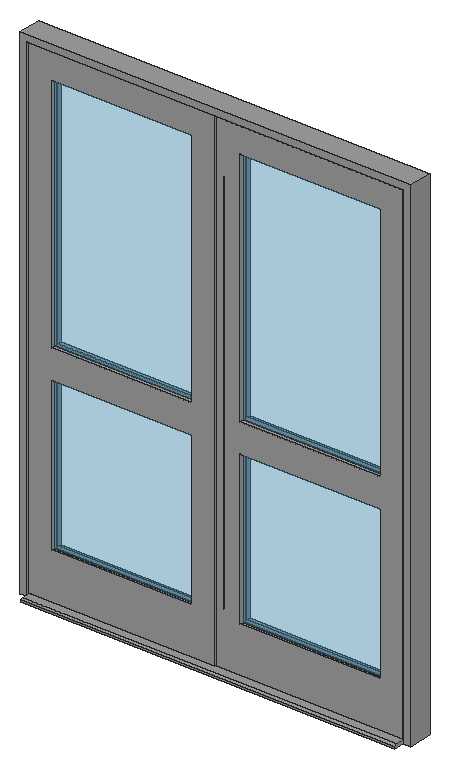
Revit family "MS-375TC DOOR-Double-1-CW_v04", category Curtain Panels, Revit 2015
Parameters
  Width [instance] = 6' - 2"
  URL = "obe.com"
  Rough Width [instance] = 6' - 2"
  Panel Width [instance] = Min Panel Width  # 6' - 0"
  Panel Offset [instance] = 0' - 0"
  Offset [instance] = 0' - 1"
  Model = "MS-375TC DOOR"
  Min Rough Width [instance] = if(Rough Width > 6' 2", Rough Width, 6' 2 1/2")  # 6' - 2 1/2"
  Min Panel Width [instance] = if(Rough Width > 6' 2", Rough Width - 0' 2 1/2", 6' 0")  # 6' - 0"
  Manufacturer = "Oldcastle BuildingEnvelope®"
  Keynote = "08 11 00"
  Hinge [instance] = yes
  Height [instance] = 8' - 0"
  Pushbar Height [instance] = 3' - 5 1/4"  # constant formula
  Glass Material = Glass
  Frame Material = Aluminum
  Door Panel Height [instance] = Height - 0' 0 85/128"  # 7' - 11 43/128"
  Description = "MS-375TC - 1\" Door Infill"
  Assembly Code = "B2030"
  Analytic Construction = "<None>"
  8 Muntin [instance] = not([4 Muntin])  # no
  8 Bottom Rail [instance] = yes
  4 Muntin [instance] = yes
  10 Bottom Rail [instance] = not([8 Bottom Rail])  # no
Reference planes (in)
  plane 1 "Front": y = 0
  plane 2: z = 0
  plane 3 "Center (Left/Right)": x = 0
  plane 4 "Left": x = -37
  plane 5 "Right": x = 37
  plane 6 "Top": z = 96
  plane 7 "Offset": y = -1
  plane 8: x = -37.25
  plane 9: x = 37.25
Forms (in)
  Sweep 1, solid, material "Aluminum" <- "Frame Material"
    path origin (0, -1, 0) x (-1, 0, 0) y (0, 0, 1)
      loop
        line (-37.25, 96) -> (-37.25, 0)
    profile origin (37.25, -1, 48) x (0, 1, 0) y (-1, 0, 0)
      loop
        line (0, 0) -> (0, 1.25) -> (-2.376, 1.25) -> (-2.376, 1.75) -> (-4.088, 1.75) -> (-4.088, 1.25) -> (-4.50055, 1.25) -> (-4.50055, 0) -> (0, 0)
  Sweep 2, solid, material "Aluminum" <- "Frame Material"
    path origin (0, -1, 0) x (-1, 0, 0) y (0, 0, 1)
      loop
        line (37.25, 96) -> (37.25, 0)
    profile origin (-37.25, -1, 48) x (0, 1, 0) y (-1, 0, 0)
      loop
        line (0, 0) -> (-4.50055, 0) -> (-4.50055, -1.25) -> (-4.088, -1.25) -> (-4.088, -1.75) -> (-2.376, -1.75) -> (-2.376, -1.25) -> (0, -1.25) -> (0, 0)
  Sweep 3, solid, material "Aluminum" <- "Frame Material"
    path origin (0, -1, 0) x (-1, 0, 0) y (0, 0, 1)
      loop
        line (37.25, 96) -> (-37.25, 96)
    profile origin (0, -1, 96) x (0, 0, -1) y (0, 1, 0)
      loop
        line (1.25, 0) -> (0, 0) -> (0, -4.50055) -> (1.25, -4.50055) -> (1.25, -4.088) -> (1.75, -4.088) -> (1.75, -2.376) -> (1.25, -2.376) -> (1.25, 0)
Cuts and joins
  joined: Sweep 1, Sweep 2, Sweep 3
Text (in)
  text "Exterior" at (-54.29358, 31.38743, 0), in view "Ref. Level"
  text "Exterior" at (480, 41.53993, 89.60405), in view "Right"
  text "Exterior" at (-240, 57.82419, 105.78864), in view "Left"
Dimensions and locks (in)
  equal spacing: plane 4 "Left", plane 3 "Center (Left/Right)", plane 5 "Right"
  "Width": plane 4 "Left" to plane 5 "Right"
  "Height": plane 6 "Top" to plane 2
  "Offset": plane 7 "Offset" to plane 1 "Front"
  equal spacing: plane 8, plane 3 "Center (Left/Right)", plane 9
  "Min Rough Width": plane 8 to plane 9
  aligned and locked: level to plane 2
  aligned and locked: plane 3 "Center (Left/Right)" to nested 1
  aligned and locked: plane 2 to Sweep 1 sketch curve
  aligned and locked: plane 6 "Top" to Sweep 1 sketch curve
  aligned and locked: plane 2 to Sweep 2 sketch curve
  aligned and locked: plane 6 "Top" to Sweep 2 sketch curve
  aligned and locked: plane 6 "Top" to Sweep 3 sketch curve
  aligned and locked: plane 8 to Sweep 2 sketch curve
  aligned and locked: Sweep 1 sketch curve to plane 9
  aligned and locked: plane 9 to Sweep 3 sketch curve
  aligned and locked: plane 8 to Sweep 3 sketch curve
Automatic sketch dimensions
  Sweep 2 sketch curve to profile plane = 0' - 0"
  Sweep 2 sketch curve to plane 7 "Offset" = 0' - 0"
  Sweep 2 sketch curve to plane 7 "Offset" = 0' - 2.376"
  Sweep 2 sketch curve to Sweep 2 sketch curve = 0' - 1.712"
  Sweep 2 sketch curve to Sweep 2 sketch curve = 0' - 0.41255"
  profile plane to Sweep 2 sketch curve = 0' - 1 1/4"  (x2)
  Sweep 2 sketch curve to Sweep 2 sketch curve = 0' - 0 1/2"
  Sweep 1 sketch curve to profile plane = 0' - 0"
  Sweep 1 sketch curve to plane 7 "Offset" = 0' - 0"
  Sweep 1 sketch curve to plane 7 "Offset" = 0' - 2.376"
  Sweep 1 sketch curve to Sweep 1 sketch curve = 0' - 1.712"
  Sweep 1 sketch curve to Sweep 1 sketch curve = 0' - 0.41255"
  Sweep 1 sketch curve to profile plane = 0' - 1 1/4"
  Sweep 1 sketch curve to Sweep 1 sketch curve = 0' - 1 1/4"
  Sweep 1 sketch curve to Sweep 1 sketch curve = 0' - 0 1/2"
  Sweep 3 sketch curve to plane 7 "Offset" = 0' - 0"
  Sweep 3 sketch curve to profile plane = 0' - 0"
  Sweep 3 sketch curve to Sweep 3 sketch curve = 0' - 1 1/4"  (x2)
  Sweep 3 sketch curve to Sweep 3 sketch curve = 0' - 0 1/2"
  Sweep 3 sketch curve to Sweep 3 sketch curve = 0' - 2.376"
  Sweep 3 sketch curve to Sweep 3 sketch curve = 0' - 1.712"
  Sweep 3 sketch curve to Sweep 3 sketch curve = 0' - 0.41255"
Nested families (in)
  nested 1: "MS-375TC DOOR-Double-1-Panel_v03" at (0, -19, 0), Frame Material <- "Frame Material", Glass Material <- "Glass Material", Hinge <- "Hinge", Height <- "Door Panel Height", Width <- "Min Panel Width", 4 Muntin <- "4 Muntin", 8 Bottom Rail <- "8 Bottom Rail", Offset <- "Panel Offset", type "MS-375TC DOOR-Double-1-Panel"
    with Wing Width 3' - 0", built-in parameter 1001301 6' - 0", Pushbar Height 3' - 5 1/4", Offset 0' - 0", Hinge yes, built-in parameter 1001300 7' - 11 43/128", Glass at Muntin 0' - 4 9/16", Glass Material Glass, Frame Material Aluminum, Bottom Rail 0' - 8 29/32", 8 Muntin no, 8 Bottom Rail yes, 4 Muntin yes, 10 Bottom Rail no
Definition of nested family "MS-375TC DOOR-Double-1-Panel_v03"
  Parameters (values of type "MS-375TC DOOR-Double-1-Panel")
    Wing Width [instance] = Width / 2  # 3' - 0"
    Width [instance] = 6' - 0"
    Offset [instance] = 0' - 5"
    Hinge [instance] = yes
    Height [instance] = 8' - 0"
    Glass at Muntin [instance] = if([4 Muntin], 0' 4 9/16", 0' 8 9/16")  # 0' - 8 9/16"
    Pushbar Height [instance] = 3' - 5 1/4"  # constant formula
    Glass Material [instance] = none
    Frame Material [instance] = none
    Bottom Rail [instance] = if([10 Bottom Rail], 0' 10 29/32", 0' 8 29/32")  # 0' - 10 29/32"
    8 Muntin [instance] = not([4 Muntin])  # yes
    10 Bottom Rail [instance] = not([8 Bottom Rail])  # yes
    4 Muntin [instance] = no
    8 Bottom Rail [instance] = no
  Reference planes (in)
    plane 1 "00": y = 9.75
    plane 2: z = 0
    plane 3 "Center (Left/Right)": x = 0
    plane 4: z = 96
    plane 5: x = -36
    plane 6: x = 36
    plane 7 "Center (Front/Back)": y = 16
    plane 8 "Exterior": y = 10.25
    plane 9: z = 48
    plane 10: z = 10.90625
    plane 11: z = 45.53125
    plane 12: z = 36.96875
    plane 13: z = 90.94129
    plane 14: z = 0
    plane 15: x = -31.80262
    plane 16: x = 31.78244
    plane 17 "Offset": y = 11
    plane 18: z = 41.25
  Forms (in)
    Sweep 1, solid, material <- "Frame Material"
      path origin (0, 9.75, 0) x (1, 0, 0) y (0, 0, 1)
        loop
          line (-31.80262, 96) -> (-0.1998, 96)
      profile origin (-16.00121, 9.75, 96) x (0, 0, 1) y (0, -1, 0)
        loop
          line (-0.71875, -1.12355) -> (-0.71875, 1.12745) -> (-5.46871, 1.12745) -> (-5.46871, 0.5) -> (-5.05871, 0.5) -> (-5.05871, -0.5) -> (-5.46871, -0.5) -> (-5.46871, -1.12355) -> (-0.71875, -1.12355)
    Sweep 2, solid, material <- "Frame Material"
      path origin (0, 9.75, 0) x (1, 0, 0) y (0, 0, 1)
        loop
          line (-0.1998, 0) -> (-35.69218, 0)
      profile origin (-17.94599, 9.75, 0) x (0, 0, -1) y (0, -1, 0)
        loop
          line (-6.93343, -1.12355) -> (-0.68754, -1.12355) -> (-0.68754, 1.12745) -> (-6.93343, 1.12745) -> (-11.4375, 1.12745) -> (-11.4375, 0.5) -> (-10.90625, 0.5) -> (-10.90625, -0.5) -> (-11.4375, -0.5) -> (-11.4375, -1.12355) -> (-6.93343, -1.12355)
    Sweep 3, solid, material <- "Frame Material"
      path origin (0, 9.75, 0) x (1, 0, 0) y (0, 0, 1)
        loop
          line (36, 95.28125) -> (36, 0.68754)
      profile origin (36, 9.75, 47.9844) x (0, -1, 0) y (1, 0, 0)
        loop
          line (-1.12356, -0.438) -> (-1.12356, -4.62756) -> (-0.5, -4.62756) -> (-0.5, -4.21756) -> (0.5, -4.21756) -> (0.5, -4.62756) -> (1.12745, -4.62756) -> (1.12745, -0.328) -> (-1.15856, -0.328) -> (-1.15856, -0.438) -> (-1.12356, -0.438)
    Sweep 4, solid, material <- "Frame Material"
      path origin (0, 9.75, 0) x (1, 0, 0) y (0, 0, 1)
        loop
          line (-36, 95.28125) -> (-36, 0.68754)
      profile origin (-36, 9.75, 47.9844) x (0, -1, 0) y (1, 0, 0)
        loop
          line (-1.12358, 4.60738) -> (-1.12358, 0.41782) -> (-1.15858, 0.41782) -> (-1.15858, 0.30782) -> (1.12744, 0.30782) -> (1.12744, 4.60738) -> (0.49998, 4.60738) -> (0.49998, 4.19738) -> (-0.50002, 4.19738) -> (-0.50002, 4.60738) -> (-1.12358, 4.60738)
    Sweep 5, solid, material <- "Frame Material"
      path origin (0, 9.75, 0) x (1, 0, 0) y (0, 0, 1)
        loop
          line (-4.1885, 48) -> (-31.80262, 48)
      profile origin (-17.99556, 9.75, 48) x (0, 0, -1) y (0, -1, 0)
        loop
          line (1.93679, -0.5) -> (1.93679, -1.12355) -> (11.43671, -1.12355) -> (11.43671, -0.5) -> (11.03125, -0.5) -> (11.03125, 0.5) -> (11.43671, 0.5) -> (11.43671, 1.12745) -> (1.93679, 1.12745) -> (1.93679, 0.5) -> (2.46875, 0.5) -> (2.46875, -0.5) -> (1.93679, -0.5)
    Sweep 6, solid, material <- "Frame Material"
      path origin (0, 9.75, 0) x (1, 0, 0) y (0, 0, 1)
        loop
          line (0, 95.28125) -> (0, 0.68754)
      profile origin (0, 9.75, 47.9844) x (0, -1, 0) y (1, 0, 0)
        loop
          line (-1.12355, -4.5985) -> (-0.5, -4.5985) -> (-0.5, -4.1885) -> (0.5, -4.1885) -> (0.5, -4.5985) -> (1.12745, -4.5985) -> (1.12745, -0.1998)
          arc (1.12745, -0.1998) -> (0.14024, -0.09375) -> (-0.84797, -0.19003) r 4.87198
          line (-0.84797, -0.19003) -> (-1.00307, -0.23561)
          arc (-1.00307, -0.23561) -> (-1.08642, -0.25449) -> (-1.12355, -0.33147) r 0.09837
          line (-1.12355, -0.33147) -> (-1.12355, -4.5985)
        loop
          arc (-1.03043, 0.11549) -> (0.05077, 0.1029) -> (1.12778, 0.19879) r 10.77029
          line (1.12778, 0.19879) -> (1.12778, 4.59371) -> (0.5, 4.59371) -> (0.5, 4.18371) -> (-0.5, 4.18371) -> (-0.5, 4.59371) -> (-1.12356, 4.59371) -> (-1.12356, 0.21457)
          arc (-1.12356, 0.21457) -> (-1.09663, 0.14658) -> (-1.03043, 0.11549) r 0.09927
    Sweep 7, solid, material <- "Frame Material"
      path origin (0, 9.75, 0) x (1, 0, 0) y (0, 0, 1)
        loop
          line (0.22004, 96) -> (31.78244, 96)
      profile origin (16.00124, 9.75, 96) x (0, 0, 1) y (0, -1, 0)
        loop
          line (-0.71875, -1.12355) -> (-0.71875, 1.12745) -> (-3.83589, 1.12745) -> (-5.46871, 1.12745) -> (-5.46871, 0.5) -> (-5.05871, 0.5) -> (-5.05871, -0.5) -> (-5.46871, -0.5) -> (-5.46871, -1.12355) -> (-3.83589, -1.12355) -> (-0.71875, -1.12355)
    Sweep 8, solid, material <- "Frame Material"
      path origin (0, 9.75, 0) x (1, 0, 0) y (0, 0, 1)
        loop
          line (31.78244, 48) -> (4.18371, 48)
      profile origin (17.98307, 9.75, 48) x (0, 0, -1) y (0, -1, 0)
        loop
          line (1.93679, -0.5) -> (1.93679, -1.12355) -> (11.43671, -1.12355) -> (11.43671, -0.5) -> (11.03125, -0.5) -> (11.03125, 0.5) -> (11.43671, 0.5) -> (11.43671, 1.12745) -> (1.93679, 1.12745) -> (1.93679, 0.5) -> (2.46875, 0.5) -> (2.46875, -0.5) -> (1.93679, -0.5)
    Sweep 9, solid, material <- "Frame Material"
      path origin (0, 9.75, 0) x (1, 0, 0) y (0, 0, 1)
        loop
          line (35.672, 0) -> (0.22004, 0)
      profile origin (17.94602, 9.75, 0) x (0, 0, -1) y (0, -1, 0)
        loop
          line (-3.49593, -1.12355) -> (-0.68754, -1.12355) -> (-0.68754, 1.12745) -> (-11.4375, 1.12745) -> (-11.4375, 0.5) -> (-10.90625, 0.5) -> (-10.90625, -0.5) -> (-11.4375, -0.5) -> (-11.4375, -1.12355) -> (-3.49593, -1.12355)
    Extrusion 10, solid, detail levels coarse
      sketch origin (0, 0, 0) x (1, 0, 0) y (0, 1, 0)
        loop
          line (4.18371, 10.25) -> (4.18371, 9.25) -> (31.78244, 9.25) -> (31.78244, 10.25) -> (4.18371, 10.25)
      from 36.96875 to 10.90625
    Extrusion 11, solid, material <- "Glass Material", detail levels medium+fine
      sketch origin (0, 0, 0) x (1, 0, 0) y (0, 1, 0)
        loop
          line (4.18371, 9.25) -> (31.78244, 9.25) -> (31.78244, 9.498) -> (4.18371, 9.498) -> (4.18371, 9.25)
        loop
          line (31.78244, 10.25) -> (4.18371, 10.25) -> (4.18371, 10.002) -> (31.78244, 10.002) -> (31.78244, 10.25)
      from 10.90625 to 36.96875
    Extrusion 12, solid, material <- "Glass Material", detail levels medium+fine
      sketch origin (0, 0, 0) x (1, 0, 0) y (0, 1, 0)
        loop
          line (4.18371, 10.25) -> (4.18371, 10.002) -> (31.78244, 10.002) -> (31.78244, 10.25) -> (4.18371, 10.25)
        loop
          line (31.78244, 9.25) -> (31.78244, 9.498) -> (4.18371, 9.498) -> (4.18371, 9.25) -> (31.78244, 9.25)
      from 45.53125 to 90.94129
    Extrusion 13, solid, material <- "Glass Material", detail levels coarse
      sketch origin (0, 0, 0) x (1, 0, 0) y (0, 1, 0)
        loop
          line (4.18371, 10.25) -> (4.18371, 9.25) -> (31.78244, 9.25) -> (31.78244, 10.25) -> (4.18371, 10.25)
      from 45.53125 to 90.94129
    Extrusion 14, solid, material <- "Glass Material", detail levels medium+fine
      sketch origin (0, 0, 0) x (1, 0, 0) y (0, 1, 0)
        loop
          line (-31.80262, 9.25) -> (-4.1885, 9.25) -> (-4.1885, 9.498) -> (-31.80262, 9.498) -> (-31.80262, 9.25)
        loop
          line (-4.1885, 10.25) -> (-31.80262, 10.25) -> (-31.80262, 10.002) -> (-4.1885, 10.002) -> (-4.1885, 10.25)
      from 10.90625 to 36.96875
    Extrusion 15, solid, material <- "Glass Material", detail levels coarse
      sketch origin (0, 0, 0) x (1, 0, 0) y (0, 1, 0)
        loop
          line (-31.80262, 10.25) -> (-31.80262, 9.25) -> (-4.31233, 9.25) -> (-4.1885, 9.25) -> (-4.1885, 10.25) -> (-31.80262, 10.25)
      from 45.53125 to 90.94129
    Extrusion 16, solid, material <- "Glass Material", detail levels coarse
      sketch origin (0, 0, 0) x (1, 0, 0) y (0, 1, 0)
        loop
          line (-31.80262, 10.25) -> (-31.80262, 9.25) -> (-4.1885, 9.25) -> (-4.1885, 10.25) -> (-31.80262, 10.25)
      from 10.90625 to 36.96875
    Extrusion 17, solid, material <- "Glass Material", detail levels medium+fine
      sketch origin (0, 0, 0) x (1, 0, 0) y (0, 1, 0)
        loop
          line (-31.80262, 10.25) -> (-31.80262, 10.002) -> (-4.1885, 10.002) -> (-4.1885, 10.25) -> (-31.80262, 10.25)
        loop
          line (-31.80262, 9.498) -> (-31.80262, 9.25) -> (-4.1885, 9.25) -> (-4.1885, 9.498) -> (-31.80262, 9.498)
      from 45.53125 to 90.94129
    Sweep 18, solid, material <- "Frame Material"
      path origin (0, 11, 0) x (1, 0, 0) y (0, 0, 1)
        loop
          line (-35.69218, 0) -> (35.672, 0)
      profile origin (-0.01009, 11, 0) x (0, 0, 1) y (0, -1, 0)
        loop
          line (0.49954, 3.88246) -> (0.24955, 4.38245) -> (0, 4.38245) -> (0, -0.11755) -> (0.24955, -0.11755) -> (0.49954, 0.38244) -> (0.49954, 3.88246)
  Cuts and joins
    joined: Sweep 1, Sweep 2, Sweep 3, Sweep 4, Sweep 5, Sweep 6, Sweep 7, Sweep 8, Sweep 9
  Lines and regions (in)
    model lines
      curve 1: line (4.59371, 10.25, 90.53129) -> (31.37244, 10.25, 48)
      curve 2: line (31.37244, 10.25, 48) -> (4.59371, 10.25, 11.4375)
      curve 3: line (-4.5985, 10.25, 90.54626) -> (-31.39262, 10.25, 48)
      curve 4: line (-31.39262, 10.25, 48) -> (-4.5985, 10.25, 11.4375)
  Dimensions and locks (in)
    "Height": plane 4 to level
    equal spacing: plane 5, plane 3 "Center (Left/Right)", plane 6
    plane 1 "00" to plane 8 "Exterior" to plane 17 "Offset" = 0' - 0 1/2" locked, 0' - 0 3/4" locked
    equal spacing: level, plane 9, plane 4
    locked: plane 3 "Center (Left/Right)" to Sweep 2 sketch curve at 0.1998
    locked: Sweep 3 sketch curve to plane 4 at 0.71875
    locked: Sweep 4 sketch curve to plane 4 at 0.71875
    locked: plane 3 "Center (Left/Right)" to Sweep 1 sketch curve at 0.1998
    locked: plane 3 "Center (Left/Right)" to Sweep 5 sketch curve at 4.1885
    locked: Sweep 7 sketch curve to plane 3 "Center (Left/Right)" at 0.22004
    locked: Sweep 8 sketch curve to plane 3 "Center (Left/Right)" at 4.18371
    locked: Sweep 9 sketch curve to plane 3 "Center (Left/Right)" at 0.22004
    locked: Sweep 6 sketch curve to plane 4 at 0.71875
    locked: Sweep 9 sketch curve to plane 10 at 0.53125  (x2)
    locked: Sweep 2 sketch curve to plane 10 at 0.53125  (x2)
    locked: Sweep 5 sketch curve to plane 11 at 0.53196  (x2)
    locked: plane 12 to Sweep 5 sketch curve at 0.40546  (x2)
    equal spacing: plane 4, plane 9, plane 14
    plane 4 to plane 13 = 0' - 5.05871"
    Extrusion 14 sketch curve to Extrusion 14 sketch curve to plane 1 "00" to Extrusion 14 sketch curve to Extrusion 14 sketch curve = 0' - 0.248" locked, 0' - 0.252" locked, 0' - 0.252" locked, 0' - 0.248" locked
    Extrusion 16 sketch curve to plane 1 "00" to Extrusion 16 sketch curve = 0' - 0 1/2" locked, 0' - 0 1/2" locked
    Extrusion 17 sketch curve to Extrusion 17 sketch curve to plane 1 "00" to Extrusion 17 sketch curve to Extrusion 17 sketch curve = 0' - 0.248" locked, 0' - 0.252" locked, 0' - 0.252" locked, 0' - 0.248" locked
    Extrusion 15 sketch curve to plane 1 "00" to Extrusion 15 sketch curve = 0' - 0 1/2" locked, 0' - 0 1/2" locked
    Extrusion 13 sketch curve to plane 1 "00" to Extrusion 13 sketch curve = 0' - 0 1/2" locked, 0' - 0 1/2" locked
    Extrusion 12 sketch curve to Extrusion 12 sketch curve to plane 1 "00" to Extrusion 12 sketch curve to Extrusion 12 sketch curve = 0' - 0.248" locked, 0' - 0.252" locked, 0' - 0.252" locked, 0' - 0.248" locked
    Extrusion 11 sketch curve to Extrusion 11 sketch curve to plane 1 "00" to Extrusion 11 sketch curve to Extrusion 11 sketch curve = 0' - 0.248" locked, 0' - 0.252" locked, 0' - 0.252" locked, 0' - 0.248" locked
    Extrusion 10 sketch curve to plane 1 "00" to Extrusion 10 sketch curve = 0' - 0 1/2" locked, 0' - 0 1/2" locked
    "Bottom Rail": plane 10 to plane 14
    locked: Extrusion 16 sketch curve to plane 3 "Center (Left/Right)" at 4.1885
    locked: Extrusion 14 sketch curve to plane 3 "Center (Left/Right)" at 4.1885  (x2)
    locked: plane 3 "Center (Left/Right)" to Extrusion 13 sketch curve at 4.18371
    locked: plane 3 "Center (Left/Right)" to Extrusion 10 sketch curve at 4.18371
    locked: plane 3 "Center (Left/Right)" to Extrusion 11 sketch curve at 4.18371  (x2)
    locked: plane 5 to plane 15 at 4.19738
    locked: plane 16 to plane 6 at 4.21756
    locked: Sweep 2 sketch curve to plane 5 at 0.30782
    locked: plane 6 to Sweep 9 sketch curve at 0.328
    "Width": plane 5 to plane 6
    "Glass at Muntin": plane 11 to plane 12
    "Pushbar Height": level to plane 18
    equal spacing: plane 11, plane 18, plane 12
    Sweep 8 sketch curve to Sweep 8 sketch curve to plane 11 = 0' - 0" locked, 0' - 0.53196" locked
    plane 12 to Sweep 8 sketch curve to Sweep 8 sketch curve = 0' - 0.40546" locked, 0' - 0" locked
    "Offset": plane 17 "Offset" to plane 7 "Center (Front/Back)"
    locked: plane 6 to Sweep 18 sketch curve at 0.328
    locked: Sweep 18 sketch curve to plane 5 at 0.30782
    locked: Sweep 4 sketch curve to plane 14 at 0.68754
    locked: Sweep 6 sketch curve to plane 14 at 0.68754
    locked: Sweep 3 sketch curve to plane 14 at 0.68754
    aligned and locked: plane 2 to level
    aligned and locked: Sweep 1 sketch curve to plane 4
    aligned and locked: Sweep 2 sketch curve to level
    aligned and locked: Sweep 5 sketch curve to plane 9
    aligned and locked: plane 3 "Center (Left/Right)" to Sweep 6 sketch curve
    aligned and locked: Sweep 9 sketch curve to level
    aligned and locked: Sweep 8 sketch curve to plane 9
    aligned and locked: plane 4 to Sweep 7 sketch curve
    aligned and locked: Sweep 8 sketch curve to plane 11
    aligned and locked: plane 12 to Sweep 8 sketch curve
    aligned and locked: plane 10 to cut or joined group of Sweep 1, Sweep 2, Sweep 3, Sweep 4, Sweep 5, Sweep 6, Sweep 7, Sweep 8, Sweep 9
    aligned and locked: Extrusion 14 to plane 10
    aligned and locked: plane 12 to Extrusion 14
    aligned and locked: Extrusion 15 to plane 11
    aligned and locked: plane 13 to Extrusion 15
    aligned and locked: Extrusion 17 to plane 11
    aligned and locked: plane 13 to Extrusion 17
    aligned and locked: Extrusion 16 to plane 10
    aligned and locked: plane 12 to Extrusion 16
    aligned and locked: Extrusion 12 to plane 11
    aligned and locked: plane 11 to cut or joined group of Sweep 1, Sweep 2, Sweep 3, Sweep 4, Sweep 5, Sweep 6, Sweep 7, Sweep 8, Sweep 9
    aligned and locked: cut or joined group of Sweep 1, Sweep 2, Sweep 3, Sweep 4, Sweep 5, Sweep 6, Sweep 7, Sweep 8, Sweep 9 to plane 13
    aligned and locked: plane 13 to Extrusion 12
    aligned and locked: plane 13 to Extrusion 13
    aligned and locked: Extrusion 13 to plane 11
    aligned and locked: plane 12 to Extrusion 10
    aligned and locked: plane 12 to Extrusion 11
    aligned and locked: Extrusion 11 to plane 10
    aligned and locked: Extrusion 10 to plane 10
    aligned and locked: Sweep 7 sketch curve to plane 13
    aligned and locked: plane 11 to Sweep 5 sketch curve
    aligned and locked: Sweep 5 sketch curve to plane 12
    aligned and locked: plane 10 to Sweep 2 sketch curve
    aligned and locked: Sweep 1 sketch curve to plane 13
    aligned and locked: plane 9 to curve 4
    aligned and locked: curve 3 to cut or joined group of Sweep 1, Sweep 2, Sweep 3, Sweep 4, Sweep 5, Sweep 6, Sweep 7, Sweep 8, Sweep 9
    aligned and locked: cut or joined group of Sweep 1, Sweep 2, Sweep 3, Sweep 4, Sweep 5, Sweep 6, Sweep 7, Sweep 8, Sweep 9 to curve 1
    aligned and locked: cut or joined group of Sweep 1, Sweep 2, Sweep 3, Sweep 4, Sweep 5, Sweep 6, Sweep 7, Sweep 8, Sweep 9 to curve 2
    aligned and locked: Sweep 3 sketch curve to plane 6
    aligned and locked: Sweep 4 sketch curve to plane 5
    aligned and locked: Extrusion 17 to plane 15
    aligned and locked: Extrusion 17 sketch curve to Extrusion 17 sketch curve
    aligned and locked: Extrusion 15 sketch curve to plane 15
    aligned and locked: plane 16 to Extrusion 12 sketch curve  (x2)
    aligned and locked: plane 16 to Extrusion 13 sketch curve
    aligned and locked: Extrusion 11 to plane 16  (x2)
    aligned and locked: Extrusion 10 to plane 16
    aligned and locked: Extrusion 16 to plane 15
    aligned and locked: Extrusion 14 to plane 15
    aligned and locked: plane 16 to Sweep 8 sketch curve
    aligned and locked: plane 15 to Sweep 5 sketch curve
    aligned and locked: cut or joined group of Sweep 1, Sweep 2, Sweep 3, Sweep 4, Sweep 5, Sweep 6, Sweep 7, Sweep 8, Sweep 9 to curve 4
    aligned and locked: plane 15 to Sweep 1 sketch curve
    aligned and locked: Sweep 7 sketch curve to plane 16
    aligned and locked: Sweep 18 sketch curve to plane 14
  Automatic sketch dimensions
    Sweep 5 sketch curve to plane 1 "00" = 0' - 1.12355"
    Sweep 5 sketch curve to plane 1 "00" = 0' - 0 1/2"  (x2)
    plane 1 "00" to Sweep 5 sketch curve = 0' - 0 1/2"  (x2)
    Sweep 5 sketch curve to Sweep 5 sketch curve = 0' - 0.62745"
    Sweep 2 sketch curve to plane 1 "00" = 0' - 1.12355"
    Sweep 2 sketch curve to Sweep 2 sketch curve = 0' - 3.97282"
    Sweep 2 sketch curve to Sweep 2 sketch curve = 0' - 0"
    profile plane to Sweep 2 sketch curve = 0' - 0.68754"
    Sweep 2 sketch curve to plane 1 "00" = 0' - 0 1/2"
    plane 1 "00" to Sweep 2 sketch curve = 0' - 0 1/2"
    plane 1 "00" to Sweep 2 sketch curve = 0' - 1.12745"
    Sweep 1 sketch curve to plane 1 "00" = 0' - 0 1/2"
    Sweep 1 sketch curve to Sweep 1 sketch curve = 0' - 0"
    Sweep 1 sketch curve to Sweep 1 sketch curve = 0' - 0.41"
    profile plane to Sweep 1 sketch curve = 0' - 0 23/32"
    Sweep 1 sketch curve to plane 1 "00" = 0' - 1.12355"
    plane 1 "00" to Sweep 1 sketch curve = 0' - 0 1/2"
    plane 1 "00" to Sweep 1 sketch curve = 0' - 1.12745"
    Sweep 9 sketch curve to Sweep 9 sketch curve = 0' - 0 17/32"
    Sweep 9 sketch curve to plane 1 "00" = 0' - 1.12355"
    Sweep 9 sketch curve to Sweep 9 sketch curve = 0' - 2.80839"
    profile plane to Sweep 9 sketch curve = 0' - 0.68754"
    Sweep 9 sketch curve to plane 1 "00" = 0' - 0 1/2"
    plane 1 "00" to Sweep 9 sketch curve = 0' - 0 1/2"
    Sweep 9 sketch curve to Sweep 9 sketch curve = 0' - 0.62745"
    Sweep 7 sketch curve to Sweep 7 sketch curve = 0' - 0.41"  (x2)
    Sweep 7 sketch curve to Sweep 7 sketch curve = 0' - 1.22282"  (x2)
    profile plane to Sweep 7 sketch curve = 0' - 0 23/32"
    Sweep 7 sketch curve to plane 1 "00" = 0' - 1.12355"
    Sweep 7 sketch curve to plane 1 "00" = 0' - 0 1/2"
    plane 1 "00" to Sweep 7 sketch curve = 0' - 0 1/2"
    plane 1 "00" to Sweep 7 sketch curve = 0' - 1.12745"
    Sweep 8 sketch curve to plane 1 "00" = 0' - 1.12355"
    Sweep 8 sketch curve to plane 1 "00" = 0' - 0 1/2"  (x2)
    plane 1 "00" to Sweep 8 sketch curve = 0' - 0 1/2"  (x2)
    Sweep 8 sketch curve to Sweep 8 sketch curve = 0' - 0.62745"
    Sweep 4 sketch curve to plane 1 "00" = 0' - 1.15858"
    Sweep 4 sketch curve to Sweep 4 sketch curve = 0' - 0.035"
    Sweep 4 sketch curve to plane 1 "00" = 0' - 0 1/2"
    plane 1 "00" to Sweep 4 sketch curve = 0' - 0 1/2"
    Sweep 4 sketch curve to Sweep 4 sketch curve = 0' - 0.62745"
    Sweep 4 sketch curve to profile plane = 0' - 0.30782"
    Sweep 4 sketch curve to Sweep 4 sketch curve = 0' - 0.11"
    Sweep 4 sketch curve to Sweep 4 sketch curve = 0' - 3.77956"
    Sweep 4 sketch curve to Sweep 4 sketch curve = 0' - 0.41"  (x2)
    Sweep 6 sketch curve to plane 1 "00" = 0' - 1.12355"
    Sweep 6 sketch curve to plane 1 "00" = 0' - 0 1/2"  (x2)
    profile plane to Sweep 6 sketch curve = 0' - 0.33147"
    Sweep 6 sketch curve to Sweep 6 sketch curve = 0' - 0.41"  (x4)
    plane 1 "00" to Sweep 6 sketch curve = 0' - 0 1/2"  (x2)
    Sweep 6 sketch curve to Sweep 6 sketch curve = 0' - 0.62745"
    profile plane to Sweep 6 sketch curve = 0' - 0.1998"
    plane 1 "00" to Sweep 6 sketch curve = 0' - 0.11615"
    Sweep 6 sketch curve to Sweep 6 sketch curve = 0' - 0 47/128"
    profile plane to Sweep 6 sketch curve = 0' - 0.19003"
    profile plane to Sweep 6 sketch curve = 0' - 0.23561"
    Sweep 6 sketch curve to Sweep 6 sketch curve = 0' - 0.12047"
    Sweep 6 sketch curve to profile plane = 0' - 0.21457"
    Sweep 6 sketch curve to Sweep 6 sketch curve = 0' - 0.17632"
    Sweep 6 sketch curve to plane 1 "00" = 0' - 0.36463"
    Sweep 6 sketch curve to Sweep 6 sketch curve = 0' - 0.09927"
    Sweep 6 sketch curve to Sweep 6 sketch curve = 0' - 0.00614"
    Sweep 6 sketch curve to profile plane = 0' - 0.19879"
    Sweep 6 sketch curve to Sweep 6 sketch curve = 0' - 0.00033"
    Sweep 6 sketch curve to Sweep 6 sketch curve = 0' - 4.39492"
    Sweep 6 sketch curve to Sweep 6 sketch curve = 0' - 0.62356"
    Sweep 3 sketch curve to plane 1 "00" = 0' - 1.15856"
    Sweep 3 sketch curve to Sweep 3 sketch curve = 0' - 0.035"
    Sweep 3 sketch curve to plane 1 "00" = 0' - 0 1/2"
    plane 1 "00" to Sweep 3 sketch curve = 0' - 0 1/2"
    plane 1 "00" to Sweep 3 sketch curve = 0' - 1.12745"
    profile plane to Sweep 3 sketch curve = 0' - 4.62756"
    Sweep 3 sketch curve to Sweep 3 sketch curve = 0' - 0"
    Sweep 3 sketch curve to Sweep 3 sketch curve = 0' - 0.41"
    profile plane to Sweep 3 sketch curve = 0' - 0.438"
    profile plane to Sweep 3 sketch curve = 0' - 0.328"
    Extrusion 15 sketch curve to Extrusion 15 sketch curve = 0' - 0.12382"
    Extrusion 15 sketch curve to plane 3 "Center (Left/Right)" = 0' - 4.31233"
    Extrusion 17 sketch curve to plane 15 = 0' - 0"
    Extrusion 17 sketch curve to plane 3 "Center (Left/Right)" = 0' - 4.1885"
    Extrusion 17 sketch curve to Extrusion 17 sketch curve = 0' - 0"
    plane 15 to Extrusion 14 sketch curve = 0' - 0"
    Extrusion 14 sketch curve to Extrusion 14 sketch curve = 0' - 0"
    plane 15 to Extrusion 16 sketch curve = 0' - 0"
    Extrusion 10 sketch curve to plane 6 = 0' - 4.21756"
    Extrusion 11 sketch curve to plane 6 = 0' - 4.21756"
    Extrusion 11 sketch curve to Extrusion 11 sketch curve = 0' - 0"
    plane 3 "Center (Left/Right)" to Extrusion 12 sketch curve = 0' - 4.18371"
    Extrusion 12 sketch curve to Extrusion 12 sketch curve = 0' - 0"
    curve 2 to plane 9 = 0' - 0"
    plane 15 to curve 3 = 0' - 0.41"
    plane 10 to curve 4 = 0' - 0 17/32"
    plane 10 to curve 2 = 0' - 0 17/32"
    curve 1 to plane 13 = 0' - 0.41"
    curve 3 to plane 13 = 0' - 0.39503"
    plane 16 to curve 2 = 0' - 0.41"
    Sweep 18 sketch curve to profile plane = 0' - 0.49954"
    plane 17 "Offset" to Sweep 18 sketch curve = 0' - 3.88246"
    Sweep 18 sketch curve to profile plane = 0' - 0.24955"  (x2)
    plane 17 "Offset" to Sweep 18 sketch curve = 0' - 0.38244"
    Sweep 18 sketch curve to Sweep 18 sketch curve = 0' - 0 1/2"
    Sweep 18 sketch curve to plane 17 "Offset" = 0' - 0.11755"
    profile plane to Sweep 18 sketch curve = 0' - 0"
